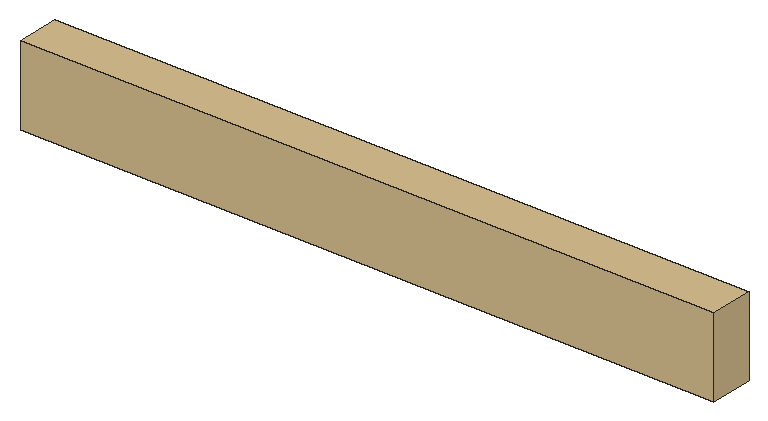
Revit family "M_Glulam-Pinho do sul", category Quadro estrutural, Revit 2019
Family settings
  Arredondamento do comprimento do framing estrutural = 0 mm
  Forma do corte = Não definido
  Material para o comportamento do modelo = Madeira
  Exportar sempre como geometria = Não
  Número OmniClass = 23.25.30.11.14.14
  Título OmniClass = Beams
  ID de item do Seek = Glulam-Southern Pine-0000-CAN-ENU
  Sempre na vertical = Sim
  Corte com vazios quando carregada = Não
  Representação simbólica = Das configurações de projeto
  Compartilhado = Não
  Exibir o pré-corte da família na vista da planta = Sim
Parameters (values of type "76X140")
  Structural Material [instance] = Madeira de Conífera, Madeira
  Length [instance] = 1500 mm
  b = 76 mm
  d = 140 mm
Types (3, lengths in mm): name | Length | b | d
  (no name) | 1500 | 76 | 140
  76X140 | 1500 | 76 | 140
  127X279 | 1524 | 127 | 279
Reference planes
  plane 1 "Centro (Frente/Trás)": y = 0
  plane 2: z = 0
  plane 3 "Centro (Esquerda/Direita)": x = 4.61
  plane 4 "Membro esquerdo": x = -604.99
  plane 5 "Membro direito": x = 614.21
  plane 6: y = 38
  plane 7: y = -38
  plane 8: z = 70
  plane 9: z = -70
  plane 10 "Esquerda": x = -757.39
  plane 11 "Símbolo esquerdo de verga": x = -452.59
  plane 12 "Símbolo direito de verga": x = 461.81
  plane 13 "Direita": x = 742.61
Forms (mm)
  Sweep 1, solid, material "Madeira de Conífera, Madeira" <- "Structural Material", detail levels medium+fine
    path origin (0, 0, 0) x (1, 0, 0) y (0, 1, 0)
      loop
        line (614.21, 0) -> (-604.99, 0)
    profile "M_Viga de madeira retangular-Perfil : M_Viga de madeira retangular-Perfil" origin (4.61, 0, 0) x (0, -1, 0) y (0, 0, 1)
      loop
        line (-38, -70) -> (38, -70) -> (38, 70) -> (-38, 70) -> (-38, -70)
Lines and regions (mm)
  symbolic lines, style "Símbolos de vara", detail levels coarse
    curve 1: line (4.61, 38, 70) -> (4.61, -38, 70)
    curve 2: line (4.61, -38, -70) -> (4.61, 38, -70)
    curve 3: line (4.61, -38, 70) -> (4.61, -38, -70)
    curve 4: line (4.61, 38, -70) -> (4.61, 38, 70)
Dimensions and locks
  "b": plane 6 to plane 7
  "d": plane 9 to plane 8
  equal spacing: plane 9, plane 2, plane 8
  equal spacing: plane 6, plane 1 "Centro (Frente/Trás)", plane 7
  "Length": plane 10 "Esquerda" to plane 13 "Direita"
  aligned and locked: Sweep 1 sketch curve to plane 1 "Centro (Frente/Trás)"
  aligned and locked: curve 1 to Sweep 1
  aligned and locked: curve 2 to Sweep 1
  aligned and locked: curve 3 to Sweep 1
  aligned and locked: curve 4 to Sweep 1
  aligned and locked: plane 4 "Membro esquerdo" to Sweep 1 sketch curve
  aligned and locked: plane 5 "Membro direito" to Sweep 1 sketch curve
